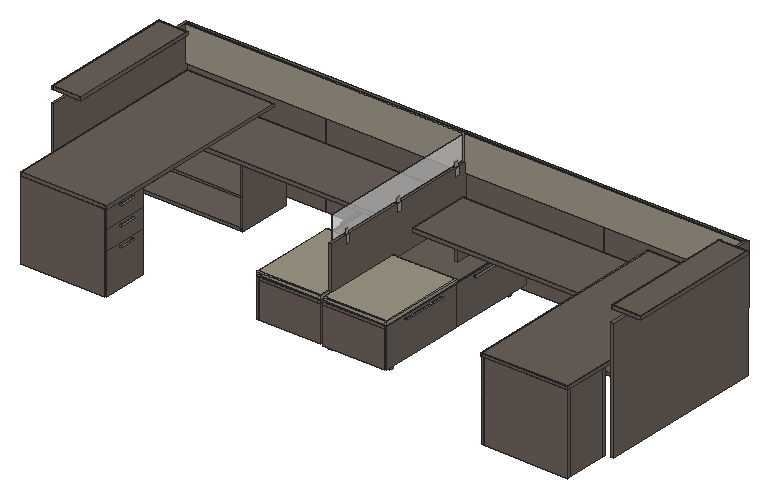
Revit family "STAKS005", category Furniture, Revit 2013
Reference planes (in)
  plane 1: z = 0
  plane 2 "Center Left/Right": x = 0
Dimensions and locks (in)
  aligned and locked: level to plane 1
  aligned and locked: nested 3 to nested 1
  aligned and locked: nested 4 to nested 2  (x2)
  aligned and locked: nested 5 to nested 6
  aligned and locked: nested 6 to nested 5
  aligned and locked: nested 9 to nested 7
  aligned and locked: nested 9 to nested 8
  aligned and locked: nested 5 to nested 10
  aligned and locked: nested 3 to nested 5
  aligned and locked: nested 16 to nested 6  (x2)
  aligned and locked: nested 26 to nested 25  (x2)
  aligned and locked: nested 27 to nested 28
  aligned and locked: nested 28 to nested 27
  aligned and locked: nested 31 to nested 29
  aligned and locked: nested 31 to nested 30
  aligned and locked: nested 27 to nested 32
  aligned and locked: nested 38 to nested 28  (x2)
  aligned and locked: nested 42 to nested 10
  aligned and locked: nested 43 to nested 10
  aligned and locked: nested 32 to nested 44
  aligned and locked: nested 32 to nested 45
  aligned and locked: nested 3 to nested 12
Nested families (in)
  nested 1: "FIRST OFFICE-STAKS-WALL-SPINE-DIVIDER" at (-24, -1.62535, 0), type "FIRST OFFICE-STAKS-WALL SPINE/DIVIDER 42 X 48"
  nested 2: "FIRST OFFICE-STAKS-WALL-SPINE-DIVIDER" at (-72, -1.62535, 0), type "FIRST OFFICE-STAKS-WALL SPINE/DIVIDER 42 X 48"
  nested 3: "FIRST OFFICE-STAKS-WALL-SPINE-DIVIDER" at (1.12535, -30, 0) x (0, 1, 0) z (0, 0, 1), type "FIRST OFFICE-STAKS-WALL SPINE/DIVIDER 33 X 58"
  nested 4: "FIRST OFFICE-STAKS-WALL-SPINE-DIVIDER" at (-95.37465, -29, 0) x (0, 1, 0) z (0, 0, 1), type "FIRST OFFICE-STAKS-WALL SPINE/DIVIDER 42 X 58"
  nested 5: "FIRST OFFICE-STAKS-WORKSURFACE-RECTANGULAR LONG-GRAIN" at (-102.05498, -0.66635, -6), type "FIRST OFFICE-STAKS-WORKSURFACE-RECTANGULAR LG 94 X 22"
  nested 6: "FIRST OFFICE-STAKS-WORKSURFACE-RECTANGULAR LONG-GRAIN" at (-96.33365, -82.05498, 0) x (0, 1, 0) z (0, 0, 1), type "FIRST OFFICE-STAKS-WORKSURFACE-RECTANGULAR LG 72 X 30"
  nested 7: "FIRST OFFICE-STAKS-BRACKETS-SADDLE_PRESS FIT" at (-96.5, -9.95471, 0) x (0, 1, 0) z (0, 0, 1), type "FIRST OFFICE-STAKS- BRACKETS-PRESS FIT"
  nested 8: "FIRST OFFICE-STAKS-BRACKETS-SADDLE_PRESS FIT" at (-96.5, -47.52666, 0) x (0, 1, 0) z (0, 0, 1), type "FIRST OFFICE-STAKS- BRACKETS-PRESS FIT"
  nested 9: "FIRST OFFICE-STAKS-WALL-TRANSACTION SHELVES" at (-94.87465, -29, -6) x (0, 1, 0) z (0, 0, 1), type "FIRST OFFICE-STAKS-TRANSACTION SHELF 46 X 10"
  nested 10: "FIRST OFFICE-STAKS-PEDESTALS-LOW HEIGHT NO I BEAM-16W TO 36W" at (-76.47711, -25.0063, 0), type "FIRST OFFICE-STAKS-LOW HEIGHT OPEN SHELF PED-NO I BEAM 36 X 19"
  nested 11: "FIRST OFFICE-STAKS-PEDESTAL W-I BEAM SUPPORT" at (-18.12465, -31.875, 0) x (0, 1, 0) z (0, 0, 1), type "FIRST OFFICE-STAKS-PEDESTAL I-BEAM 52 X 16"
  nested 12: "FIRST OFFICE-STAKS-PEDESTALS-BENCH HEIGHT DOUBLE W-I BEAM-48W TO 72W" at (-23.00035, -17.64789, 0) x (0, -1, 0) z (0, 0, 1), type "FIRST OFFICE-STAKS-BENCH HEIGHT DOUBLE W/I-BEAM 60 X 22"
    with SLIDING DOOR no, OPEN SHELF no, OPEN no, FILE FRONT yes, DOUBLE DOOR no
  nested 13: "FIRST OFFICE-STAKS-PEDESTALS-LOW_BENCH CUSHIONS" at (2.1068, -27.46416, -5) x (0, -1, 0) z (0, 0, 1), type "FIRST OFFICE-STAKS-PEDESTAL-LOW/BENCH CUSHION 30 X 22"
  nested 14: "FIRST OFFICE-STAKS-SUPPORT-SURFACE-RISER PANELS" at (-72.62535, -29, 0) x (0, -1, 0) z (0, 0, 1), type "FIRST OFFICE-STAKS-SUPPORT-SURFACE-RISER-T SHAPE 18 X 9.5"
  nested 15: "FIRST OFFICE-STAKS-SUPPORT-SURFACE-RISER PANELS" at (-27.125, -21.37465, -6) x (-1, 0, 0) z (0, 0, 1), type "FIRST OFFICE-STAKS-SUPPORT-SURFACE-RISER-T SHAPE 18 X 9.5"
  nested 16: "FIRST OFFICE-STAKS-PEDESTALS-WORKSUFACE HEIGHT NO I BEAM-12W TO 16W" at (-63.99965, -66.66461, 0) x (0, 1, 0) z (0, 0, 1), type "FIRST OFFICE-STAKS-SURFACE HEIGHT BBF PED-NO I BEAM 16 X 30"
  nested 17: "FIRST OFFICE-STAKS-BRACKETS-CANTILEVER" at (-96, -40, 0) x (0, 1, 0) z (0, 0, 1), type "FIRST OFFICE-STAKS- BRACKETS-CANTILEVER-OPEN 28""
  nested 18: "FIRST OFFICE-STAKS-BRACKETS-CANTILEVER" at (-42.55104, -1, -6), type "FIRST OFFICE-STAKS- BRACKETS-CANTILEVER-OPEN 22""
  nested 19: "FIRST OFFICE-STAKS-BRACKETS-SADDLE_PRESS FIT" at (0, -52.15068, -9) x (0, 1, 0) z (0, 0, 1), type "FIRST OFFICE-STAKS- BRACKETS-SADDLE-PVPBKT-2"
  nested 20: "FIRST OFFICE-STAKS-BRACKETS-SADDLE_PRESS FIT" at (0, -30, -9) x (0, 1, 0) z (0, 0, 1), type "FIRST OFFICE-STAKS- BRACKETS-SADDLE-PVPBKT-2"
  nested 21: "FIRST OFFICE-STAKS-BRACKETS-SADDLE_PRESS FIT" at (0, -5, -9) x (0, 1, 0) z (0, 0, 1), type "FIRST OFFICE-STAKS- BRACKETS-SADDLE-PVPBKT-2"
  nested 22: "FIRST OFFICE-STAKS-WALL-PRIVACY PANELS" at (1.62535, -30, -15) x (0, 1, 0) z (0, 0, 1), type "FIRST OFFICE-STAKS-PRIVACY PANEL SKYLINE 56 X 8"
  nested 23: "FIRST OFFICE-STAKS-WALL-TACKBOARDS" at (-96, -6.75035, 0), type "FIRST OFFICE-STAKS-TACKBOARD 96-74 X 12"
    with TACKBORD WIDTH 7' - 11 1/2"
  nested 24: "FIRST OFFICE-STAKS-WALL-SPINE-DIVIDER" at (24, -1.62535, 0) x (-1, 0, 0) z (0, 0, 1), type "FIRST OFFICE-STAKS-WALL SPINE/DIVIDER 42 X 48"
  nested 25: "FIRST OFFICE-STAKS-WALL-SPINE-DIVIDER" at (72, -1.62535, 0) x (-1, 0, 0) z (0, 0, 1), type "FIRST OFFICE-STAKS-WALL SPINE/DIVIDER 42 X 48"
  nested 26: "FIRST OFFICE-STAKS-WALL-SPINE-DIVIDER" at (95.37465, -29, 0) x (0, 1, 0) z (0, 0, 1), type "FIRST OFFICE-STAKS-WALL SPINE/DIVIDER 42 X 58"
  nested 27: "FIRST OFFICE-STAKS-WORKSURFACE-RECTANGULAR LONG-GRAIN" at (102.05498, -0.66635, -6) x (-1, 0, 0) z (0, 0, 1), type "FIRST OFFICE-STAKS-WORKSURFACE-RECTANGULAR LG 94 X 22"
  nested 28: "FIRST OFFICE-STAKS-WORKSURFACE-RECTANGULAR LONG-GRAIN" at (96.33365, -82.05498, 0) x (0, 1, 0) z (0, 0, 1), type "FIRST OFFICE-STAKS-WORKSURFACE-RECTANGULAR LG 72 X 30"
  nested 29: "FIRST OFFICE-STAKS-BRACKETS-SADDLE_PRESS FIT" at (96.5, -9.95471, 0) x (0, 1, 0) z (0, 0, 1), type "FIRST OFFICE-STAKS- BRACKETS-PRESS FIT"
  nested 30: "FIRST OFFICE-STAKS-BRACKETS-SADDLE_PRESS FIT" at (96.5, -47.52666, 0) x (0, 1, 0) z (0, 0, 1), type "FIRST OFFICE-STAKS- BRACKETS-PRESS FIT"
  nested 31: "FIRST OFFICE-STAKS-WALL-TRANSACTION SHELVES" at (94.87465, -29, -6) x (0, 1, 0) z (0, 0, 1), type "FIRST OFFICE-STAKS-TRANSACTION SHELF 46 X 10"
  nested 32: "FIRST OFFICE-STAKS-PEDESTALS-LOW HEIGHT NO I BEAM-16W TO 36W" at (76.47711, -25.00424, 0) x (-1, 0, 0) z (0, 0, 1), type "FIRST OFFICE-STAKS-LOW HEIGHT OPEN SHELF PED-NO I BEAM 36 X 19"
  nested 33: "FIRST OFFICE-STAKS-PEDESTAL W-I BEAM SUPPORT" at (18.12465, -31.875, 0) x (0, 1, 0) z (0, 0, 1), type "FIRST OFFICE-STAKS-PEDESTAL I-BEAM 52 X 16"
  nested 34: "FIRST OFFICE-STAKS-PEDESTALS-BENCH HEIGHT DOUBLE W-I BEAM-48W TO 72W" at (23.00035, -17.64789, 0) x (0, -1, 0) z (0, 0, 1), type "FIRST OFFICE-STAKS-BENCH HEIGHT DOUBLE W/I-BEAM 60 X 22"
    with SLIDING DOOR no, OPEN SHELF no, OPEN no, FILE FRONT yes, DOUBLE DOOR no
  nested 35: "FIRST OFFICE-STAKS-PEDESTALS-LOW_BENCH CUSHIONS" at (-2.1068, -27.46416, -5) x (0, -1, 0) z (0, 0, 1), type "FIRST OFFICE-STAKS-PEDESTAL-LOW/BENCH CUSHION 30 X 22"
  nested 36: "FIRST OFFICE-STAKS-SUPPORT-SURFACE-RISER PANELS" at (72.62535, -29, 0) x (0, -1, 0) z (0, 0, 1), type "FIRST OFFICE-STAKS-SUPPORT-SURFACE-RISER-T SHAPE 18 X 9.5"
  nested 37: "FIRST OFFICE-STAKS-SUPPORT-SURFACE-RISER PANELS" at (27.125, -21.37465, -6), type "FIRST OFFICE-STAKS-SUPPORT-SURFACE-RISER-T SHAPE 18 X 9.5"
  nested 38: "FIRST OFFICE-STAKS-PEDESTALS-WORKSUFACE HEIGHT NO I BEAM-12W TO 16W" at (63.99965, -66.66461, 0) x (0, 1, 0) z (0, 0, 1), type "FIRST OFFICE-STAKS-SURFACE HEIGHT BBF PED-NO I BEAM 16 X 30"
  nested 39: "FIRST OFFICE-STAKS-BRACKETS-CANTILEVER" at (96, -40, 0) x (0, 1, 0) z (0, 0, 1), type "FIRST OFFICE-STAKS- BRACKETS-CANTILEVER-OPEN 28""
  nested 40: "FIRST OFFICE-STAKS-BRACKETS-CANTILEVER" at (42.55104, -1, -6) x (-1, 0, 0) z (0, 0, 1), type "FIRST OFFICE-STAKS- BRACKETS-CANTILEVER-OPEN 22""
  nested 41: "FIRST OFFICE-STAKS-WALL-TACKBOARDS" at (96, -6.75035, 0) x (-1, 0, 0) z (0, 0, 1), type "FIRST OFFICE-STAKS-TACKBOARD 96-74 X 12"
    with TACKBORD WIDTH 7' - 11 1/2"
  nested 42: "FIRST OFFICE-STAKS-BRACKETS-PEDESTAL TO WALL" at (-91.72963, -5.00595, 0) x (-1, 0, 0) z (0, 0, 1), type "FIRST OFFICE-STAKS-PEDESTAL TO WALL BRACKET 1"
  nested 43: "FIRST OFFICE-STAKS-BRACKETS-PEDESTAL TO WALL" at (-62.38254, -5.00595, 0) x (-1, 0, 0) z (0, 0, 1), type "FIRST OFFICE-STAKS-PEDESTAL TO WALL BRACKET 1"
  nested 44: "FIRST OFFICE-STAKS-BRACKETS-PEDESTAL TO WALL" at (62.34969, -5.00389, 0) x (-1, 0, 0) z (0, 0, 1), type "FIRST OFFICE-STAKS-PEDESTAL TO WALL BRACKET 1"
  nested 45: "FIRST OFFICE-STAKS-BRACKETS-PEDESTAL TO WALL" at (91.46631, -5.00389, 0) x (-1, 0, 0) z (0, 0, 1), type "FIRST OFFICE-STAKS-PEDESTAL TO WALL BRACKET 1"
Definition of nested family "FIRST OFFICE-STAKS-WALL-SPINE-DIVIDER"
  Parameters (values of type "FIRST OFFICE-STAKS-WALL SPINE/DIVIDER 33 X 24")
    URL = "http://www.firstoffice.com/products/crossover/staks/"
    Model = "6-pan-33/24"
    Manufacturer = "FIRST OFFICE-STAKS"
    MANUFACTURERS' CODE = "FOF"
    ENVIRONMENTAL = "http://www.firstoffice.com/products/crossover/staks/"
    Description = "33 X 24 SPINE OR DIVIDER WALL"
    Wall Width = 2' - 0"
    Wall Height = 2' - 8 1/2"
    CATALOG CODE = "FST"
    Assembly Code = ""
  Types (54): name | Model | Description | Wall Width | Wall Height
    FIRST OFFICE-STAKS-WALL SPINE/DIVIDER 33 X 24 | "6-pan-33/24" | "33 X 24 SPINE OR DIVIDER WALL" | 2' - 0" | 2' - 8 1/2"
    FIRST OFFICE-STAKS-WALL SPINE/DIVIDER 33 X 26 | "6-pan-33/26" | "33 X 26 SPINE OR DIVIDER WALL" | 2' - 2" | 2' - 8 1/2"
    FIRST OFFICE-STAKS-WALL SPINE/DIVIDER 33 X 30 | "6-pan-33/30" | "33 X 30 SPINE OR DIVIDER WALL" | 2' - 6" | 2' - 8 1/2"
    FIRST OFFICE-STAKS-WALL SPINE/DIVIDER 33 X 33 | "6-pan-33/33" | "33 X 33 SPINE OR DIVIDER WALL" | 2' - 9" | 2' - 8 1/2"
    FIRST OFFICE-STAKS-WALL SPINE/DIVIDER 33 X 36 | "6-pan-33/36" | "33 X 36 SPINE OR DIVIDER WALL" | 3' - 0" | 2' - 8 1/2"
    FIRST OFFICE-STAKS-WALL SPINE/DIVIDER 33 X 37 | "6-pan-33/37" | "33 X 37 SPINE OR DIVIDER WALL" | 3' - 1" | 2' - 8 1/2"
    FIRST OFFICE-STAKS-WALL SPINE/DIVIDER 33 X 40 | "6-pan-33/40" | "33 X 40 SPINE OR DIVIDER WALL" | 3' - 4" | 2' - 8 1/2"
    FIRST OFFICE-STAKS-WALL SPINE/DIVIDER 33 X 42 | "6-pan-33/42" | "33 X 42 SPINE OR DIVIDER WALL" | 3' - 6" | 2' - 8 1/2"
    FIRST OFFICE-STAKS-WALL SPINE/DIVIDER 33 X 44 | "6-pan-33/44" | "33 X 44 SPINE OR DIVIDER WALL" | 3' - 8" | 2' - 8 1/2"
    FIRST OFFICE-STAKS-WALL SPINE/DIVIDER 33 X 45 | "6-pan-33/45" | "33 X 45 SPINE OR DIVIDER WALL" | 3' - 9" | 2' - 8 1/2"
    FIRST OFFICE-STAKS-WALL SPINE/DIVIDER 33 X 47 | "6-pan-33/47" | "33 X 47 SPINE OR DIVIDER WALL" | 3' - 11" | 2' - 8 1/2"
    FIRST OFFICE-STAKS-WALL SPINE/DIVIDER 33 X 48 | "6-pan-33/48" | "33 X 48 SPINE OR DIVIDER WALL" | 4' - 0" | 2' - 8 1/2"
    FIRST OFFICE-STAKS-WALL SPINE/DIVIDER 33 X 49 | "6-pan-33/49" | "33 X 49 SPINE OR DIVIDER WALL" | 4' - 1" | 2' - 8 1/2"
    FIRST OFFICE-STAKS-WALL SPINE/DIVIDER 33 X 52 | "6-pan-33/52" | "33 X 52 SPINE OR DIVIDER WALL" | 4' - 4" | 2' - 8 1/2"
    FIRST OFFICE-STAKS-WALL SPINE/DIVIDER 33 X 54 | "6-pan-33/54" | "33 X 54 SPINE OR DIVIDER WALL" | 4' - 6" | 2' - 8 1/2"
    FIRST OFFICE-STAKS-WALL SPINE/DIVIDER 33 X 56 | "6-pan-33/56" | "33 X 56 SPINE OR DIVIDER WALL" | 4' - 8" | 2' - 8 1/2"
    FIRST OFFICE-STAKS-WALL SPINE/DIVIDER 33 X 58 | "6-pan-33/58" | "33 X 58 SPINE OR DIVIDER WALL" | 4' - 10" | 2' - 8 1/2"
    FIRST OFFICE-STAKS-WALL SPINE/DIVIDER 33 X 59 | "6-pan-33/59" | "33 X 59 SPINE OR DIVIDER WALL" | 4' - 11" | 2' - 8 1/2"
    FIRST OFFICE-STAKS-WALL SPINE/DIVIDER 42 X 24 | "6-pan-42/24" | "42 X 24 SPINE OR DIVIDER WALL" | 2' - 0" | 3' - 5 1/2"
    FIRST OFFICE-STAKS-WALL SPINE/DIVIDER 42 X 26 | "6-pan-42/26" | "42 X 26 SPINE OR DIVIDER WALL" | 2' - 2" | 3' - 5 1/2"
    FIRST OFFICE-STAKS-WALL SPINE/DIVIDER 42 X 30 | "6-pan-42/30" | "42 X 30 SPINE OR DIVIDER WALL" | 2' - 6" | 3' - 5 1/2"
    FIRST OFFICE-STAKS-WALL SPINE/DIVIDER 42 X 33 | "6-pan-42/33" | "42 X 33 SPINE OR DIVIDER WALL" | 2' - 9" | 3' - 5 1/2"
    FIRST OFFICE-STAKS-WALL SPINE/DIVIDER 42 X 36 | "6-pan-42/36" | "42 X 36 SPINE OR DIVIDER WALL" | 3' - 0" | 3' - 5 1/2"
    FIRST OFFICE-STAKS-WALL SPINE/DIVIDER 42 X 37 | "6-pan-42/37" | "42 X 37 SPINE OR DIVIDER WALL" | 3' - 1" | 3' - 5 1/2"
    FIRST OFFICE-STAKS-WALL SPINE/DIVIDER 42 X 40 | "6-pan-42/40" | "42 X 40 SPINE OR DIVIDER WALL" | 3' - 4" | 3' - 5 1/2"
    FIRST OFFICE-STAKS-WALL SPINE/DIVIDER 42 X 42 | "6-pan-42/42" | "42 X 42 SPINE OR DIVIDER WALL" | 3' - 6" | 3' - 5 1/2"
    FIRST OFFICE-STAKS-WALL SPINE/DIVIDER 42 X 44 | "6-pan-42/44" | "42 X 44 SPINE OR DIVIDER WALL" | 3' - 8" | 3' - 5 1/2"
    FIRST OFFICE-STAKS-WALL SPINE/DIVIDER 42 X 45 | "6-pan-42/45" | "42 X 45 SPINE OR DIVIDER WALL" | 3' - 9" | 3' - 5 1/2"
    FIRST OFFICE-STAKS-WALL SPINE/DIVIDER 42 X 47 | "6-pan-42/47" | "42 X 47 SPINE OR DIVIDER WALL" | 3' - 11" | 3' - 5 1/2"
    FIRST OFFICE-STAKS-WALL SPINE/DIVIDER 42 X 48 | "6-pan-42/48" | "42 X 48 SPINE OR DIVIDER WALL" | 4' - 0" | 3' - 5 1/2"
    FIRST OFFICE-STAKS-WALL SPINE/DIVIDER 42 X 49 | "6-pan-42/49" | "42 X 49 SPINE OR DIVIDER WALL" | 4' - 1" | 3' - 5 1/2"
    FIRST OFFICE-STAKS-WALL SPINE/DIVIDER 42 X 52 | "6-pan-42/52" | "42 X 52 SPINE OR DIVIDER WALL" | 4' - 4" | 3' - 5 1/2"
    FIRST OFFICE-STAKS-WALL SPINE/DIVIDER 42 X 54 | "6-pan-42/54" | "42 X 54 SPINE OR DIVIDER WALL" | 4' - 6" | 3' - 5 1/2"
    FIRST OFFICE-STAKS-WALL SPINE/DIVIDER 42 X 56 | "6-pan-42/56" | "42 X 56 SPINE OR DIVIDER WALL" | 4' - 8" | 3' - 5 1/2"
    FIRST OFFICE-STAKS-WALL SPINE/DIVIDER 42 X 58 | "6-pan-42/58" | "42 X 58 SPINE OR DIVIDER WALL" | 4' - 10" | 3' - 5 1/2"
    FIRST OFFICE-STAKS-WALL SPINE/DIVIDER 42 X 59 | "6-pan-42/59" | "42 X 59 SPINE OR DIVIDER WALL" | 4' - 11" | 3' - 5 1/2"
    FIRST OFFICE-STAKS-WALL SPINE/DIVIDER 48 X 24 | "6-pan-48/24" | "48 X 24 SPINE OR DIVIDER WALL" | 2' - 0" | 3' - 11 1/2"
    FIRST OFFICE-STAKS-WALL SPINE/DIVIDER 48 X 26 | "6-pan-48/26" | "48 X 26 SPINE OR DIVIDER WALL" | 2' - 2" | 3' - 11 1/2"
    FIRST OFFICE-STAKS-WALL SPINE/DIVIDER 48 X 30 | "6-pan-48/30" | "48 X 30 SPINE OR DIVIDER WALL" | 2' - 6" | 3' - 11 1/2"
    FIRST OFFICE-STAKS-WALL SPINE/DIVIDER 48 X 33 | "6-pan-48/33" | "48 X 33 SPINE OR DIVIDER WALL" | 2' - 9" | 3' - 11 1/2"
    FIRST OFFICE-STAKS-WALL SPINE/DIVIDER 48 X 36 | "6-pan-48/36" | "48 X 36 SPINE OR DIVIDER WALL" | 3' - 0" | 3' - 11 1/2"
    FIRST OFFICE-STAKS-WALL SPINE/DIVIDER 48 X 37 | "6-pan-48/37" | "48 X 37 SPINE OR DIVIDER WALL" | 3' - 1" | 3' - 11 1/2"
    FIRST OFFICE-STAKS-WALL SPINE/DIVIDER 48 X 40 | "6-pan-48/40" | "48 X 40 SPINE OR DIVIDER WALL" | 3' - 4" | 3' - 11 1/2"
    FIRST OFFICE-STAKS-WALL SPINE/DIVIDER 48 X 42 | "6-pan-48/42" | "48 X 42 SPINE OR DIVIDER WALL" | 3' - 6" | 3' - 11 1/2"
    FIRST OFFICE-STAKS-WALL SPINE/DIVIDER 48 X 44 | "6-pan-48/44" | "48 X 44 SPINE OR DIVIDER WALL" | 3' - 8" | 3' - 11 1/2"
    FIRST OFFICE-STAKS-WALL SPINE/DIVIDER 48 X 45 | "6-pan-48/45" | "48 X 45 SPINE OR DIVIDER WALL" | 3' - 9" | 3' - 11 1/2"
    FIRST OFFICE-STAKS-WALL SPINE/DIVIDER 48 X 47 | "6-pan-48/47" | "48 X 47 SPINE OR DIVIDER WALL" | 3' - 11" | 3' - 11 1/2"
    FIRST OFFICE-STAKS-WALL SPINE/DIVIDER 48 X 48 | "6-pan-48/48" | "48 X 48 SPINE OR DIVIDER WALL" | 4' - 0" | 3' - 11 1/2"
    FIRST OFFICE-STAKS-WALL SPINE/DIVIDER 48 X 49 | "6-pan-48/49" | "48 X 49 SPINE OR DIVIDER WALL" | 4' - 1" | 3' - 11 1/2"
    FIRST OFFICE-STAKS-WALL SPINE/DIVIDER 48 X 52 | "6-pan-48/52" | "48 X 52 SPINE OR DIVIDER WALL" | 4' - 4" | 3' - 11 1/2"
    FIRST OFFICE-STAKS-WALL SPINE/DIVIDER 48 X 54 | "6-pan-48/54" | "48 X 54 SPINE OR DIVIDER WALL" | 4' - 6" | 3' - 11 1/2"
    FIRST OFFICE-STAKS-WALL SPINE/DIVIDER 48 X 56 | "6-pan-48/56" | "48 X 56 SPINE OR DIVIDER WALL" | 4' - 8" | 3' - 11 1/2"
    FIRST OFFICE-STAKS-WALL SPINE/DIVIDER 48 X 58 | "6-pan-48/58" | "48 X 58 SPINE OR DIVIDER WALL" | 4' - 10" | 3' - 11 1/2"
    FIRST OFFICE-STAKS-WALL SPINE/DIVIDER 48 X 59 | "6-pan-48/59" | "48 X 59 SPINE OR DIVIDER WALL" | 4' - 11" | 3' - 11 1/2"
  Reference planes (in)
    plane 1: z = 0
    plane 2 "Center Left/Right": x = 0
    plane 3 "Left": x = -12
    plane 4 "Right": x = 12
    plane 5 "Back": y = 1.62535
    plane 6 "WALL Top": z = 32.5
    plane 7: y = 0.62535
  Forms (in)
    Extrusion 1, solid, material "STAKS WALL"
      sketch origin (0, 5, -0.18015) x (0, 1, 0) y (0, 0, 1)
        loop
          line (-4.37465, 32.68015) -> (-4.37465, 0.18015) -> (-3.37465, 0.18015) -> (-3.37465, 32.68015) -> (-4.37465, 32.68015)
      from -12 to 12
  Lines and regions (in)
    Masking region 1
      outline origin (0, 0, 0) x (1, 0, 0) y (0, 1, 0)
        loop
          line (-12, 1.62535) -> (-12, 0.62535) -> (12, 0.62535) -> (12, 1.62535) -> (-12, 1.62535)
  Dimensions and locks (in)
    "Wall Width": plane 3 "Left" to plane 4 "Right"
    equal spacing: plane 3 "Left", plane 2 "Center Left/Right", plane 4 "Right"
    "Wall Height": plane 6 "WALL Top" to plane 1
    locked: plane 7 to plane 5 "Back" at 1
    aligned and locked: Extrusion 1 to plane 3 "Left"
    aligned and locked: plane 4 "Right" to Extrusion 1
    aligned: Extrusion 1 to plane 1
    aligned and locked: level to plane 1
    aligned: Extrusion 1 to plane 6 "WALL Top"
    aligned: Extrusion 1 sketch curve to plane 1
    aligned and locked: Extrusion 1 to Masking region 1 sketch curve
    aligned and locked: Masking region 1 sketch curve to plane 3 "Left"
    aligned and locked: plane 4 "Right" to Masking region 1 sketch curve
    aligned and locked: Extrusion 1 to plane 5 "Back"
    aligned and locked: Extrusion 1 sketch curve to plane 1
    aligned and locked: plane 6 "WALL Top" to Extrusion 1 sketch curve
    aligned and locked: plane 7 to Extrusion 1
    aligned and locked: plane 7 to Masking region 1
  Automatic sketch dimensions
    Masking region 1 sketch curve to Masking region 1 sketch curve = 0' - 1"
    Extrusion 1 sketch curve to plane 5 "Back" = 0' - 0"
    Extrusion 1 sketch curve to Extrusion 1 sketch curve = 0' - 1"
Definition of nested family "FIRST OFFICE-STAKS-WORKSURFACE-RECTANGULAR LONG-GRAIN"
  Parameters (values of type "FIRST OFFICE-STAKS-WORKSURFACE-RECTANGULAR LG 15.625 X 22")
    URL = "http://www.firstoffice.com/products/crossover/staks/"
    SURFACE DEPTH = 1' - 10"
    Model = "6-MCT-15.625/22"
    Manufacturer = "FIRST OFFICE-STAKS"
    MANUFACTURERS' CODE = "FOF"
    ENVIRONMENTAL = "http://www.firstoffice.com/products/crossover/staks/"
    Description = "15.625 X 22 RECTANGULAR WORKSURFACE LONG GRAIN"
    SURFACE WIDTH = 1' - 3 5/8"
    CATALOG CODE = "FST"
    Assembly Code = ""
  Types (53): name | SURFACE DEPTH | Model | Description | SURFACE WIDTH
    FIRST OFFICE-STAKS-WORKSURFACE-RECTANGULAR LG 15.625 X 22 | 1' - 10" | "6-MCT-15.625/22" | "15.625 X 22 RECTANGULAR WORKSURFACE LONG GRAIN" | 1' - 3 5/8"
    FIRST OFFICE-STAKS-WORKSURFACE-RECTANGULAR LG 24 X 22 | 1' - 10" | "6-MCT-24/22" | "24 X 22 RECTANGULAR WORKSURFACE LONG GRAIN" | 2' - 0"
    FIRST OFFICE-STAKS-WORKSURFACE-RECTANGULAR LG 30 X 22 | 1' - 10" | "6-MCT-30/22" | "30 X 22 RECTANGULAR WORKSURFACE LONG GRAIN" | 2' - 6"
    FIRST OFFICE-STAKS-WORKSURFACE-RECTANGULAR LG 34 X 22 | 1' - 10" | "6-MCT-34/22" | "34 X 22 RECTANGULAR WORKSURFACE LONG GRAIN" | 2' - 10"
    FIRST OFFICE-STAKS-WORKSURFACE-RECTANGULAR LG 36 X 22 | 1' - 10" | "6-MCT-36/22" | "36 X 22 RECTANGULAR WORKSURFACE LONG GRAIN" | 3' - 0"
    FIRST OFFICE-STAKS-WORKSURFACE-RECTANGULAR LG 42 X 22 | 1' - 10" | "6-MCT-42/22" | "42 X 22 RECTANGULAR WORKSURFACE LONG GRAIN" | 3' - 6"
    FIRST OFFICE-STAKS-WORKSURFACE-RECTANGULAR LG 48 X 22 | 1' - 10" | "6-MCT-48/22" | "48 X 22 RECTANGULAR WORKSURFACE LONG GRAIN" | 4' - 0"
    FIRST OFFICE-STAKS-WORKSURFACE-RECTANGULAR LG 48.5 X 22 | 1' - 10" | "6-MCT-48.5/22" | "48.5 X 22 RECTANGULAR WORKSURFACE LONG GRAIN" | 4' - 0 1/2"
    FIRST OFFICE-STAKS-WORKSURFACE-RECTANGULAR LG 54 X 22 | 1' - 10" | "6-MCT-54/22" | "54 X 22 RECTANGULAR WORKSURFACE LONG GRAIN" | 4' - 6"
    FIRST OFFICE-STAKS-WORKSURFACE-RECTANGULAR LG 55.5 X 22 | 1' - 10" | "6-MCT-55.5/22" | "55.5 X 22 RECTANGULAR WORKSURFACE LONG GRAIN" | 4' - 7 1/2"
    FIRST OFFICE-STAKS-WORKSURFACE-RECTANGULAR LG 59 X 22 | 1' - 10" | "6-MCT-59/22" | "59 X 22 RECTANGULAR WORKSURFACE LONG GRAIN" | 4' - 11"
    FIRST OFFICE-STAKS-WORKSURFACE-RECTANGULAR LG 60 X 22 | 1' - 10" | "6-MCT-60/22" | "60 X 22 RECTANGULAR WORKSURFACE LONG GRAIN" | 5' - 0"
    FIRST OFFICE-STAKS-WORKSURFACE-RECTANGULAR LG 66 X 22 | 1' - 10" | "6-MCT-66/22" | "66 X 22 RECTANGULAR WORKSURFACE LONG GRAIN" | 5' - 6"
    FIRST OFFICE-STAKS-WORKSURFACE-RECTANGULAR LG 69.625 X 22 | 1' - 10" | "6-MCT-69.625/22" | "69.625 X 22 RECTANGULAR WORKSURFACE LONG GRAIN" | 5' - 9 5/8"
    FIRST OFFICE-STAKS-WORKSURFACE-RECTANGULAR LG 70.5 X 22 | 1' - 10" | "6-MCT-70.5/22" | "70.5 X 22 RECTANGULAR WORKSURFACE LONG GRAIN" | 5' - 10 1/2"
    FIRST OFFICE-STAKS-WORKSURFACE-RECTANGULAR LG 72 X 22 | 1' - 10" | "6-MCT-72/22" | "72 X 22 RECTANGULAR WORKSURFACE LONG GRAIN" | 6' - 0"
    FIRST OFFICE-STAKS-WORKSURFACE-RECTANGULAR LG 78 X 22 | 1' - 10" | "6-MCT-78/22" | "78 X 22 RECTANGULAR WORKSURFACE LONG GRAIN" | 6' - 6"
    FIRST OFFICE-STAKS-WORKSURFACE-RECTANGULAR LG 82.5 X 22 | 1' - 10" | "6-MCT-82.5/22" | "82.5 X 22 RECTANGULAR WORKSURFACE LONG GRAIN" | 6' - 10 1/2"
    FIRST OFFICE-STAKS-WORKSURFACE-RECTANGULAR LG 84 X 22 | 1' - 10" | "6-MCT-84/22" | "84 X 22 RECTANGULAR WORKSURFACE LONG GRAIN" | 7' - 0"
    FIRST OFFICE-STAKS-WORKSURFACE-RECTANGULAR LG 87.625 X 22 | 1' - 10" | "6-MCT-87.625/22" | "87.625 X 22 RECTANGULAR WORKSURFACE LONG GRAIN" | 7' - 3 5/8"
    FIRST OFFICE-STAKS-WORKSURFACE-RECTANGULAR LG 90 X 22 | 1' - 10" | "6-MCT-90/22" | "90 X 22 RECTANGULAR WORKSURFACE LONG GRAIN" | 7' - 6"
    FIRST OFFICE-STAKS-WORKSURFACE-RECTANGULAR LG 94 X 22 | 1' - 10" | "6-MCT-94/22" | "94 X 22 RECTANGULAR WORKSURFACE LONG GRAIN" | 7' - 10"
    FIRST OFFICE-STAKS-WORKSURFACE-RECTANGULAR LG 96 X 22 | 1' - 10" | "6-MCT-96/22" | "96 X 22 RECTANGULAR WORKSURFACE LONG GRAIN" | 8' - 0"
    FIRST OFFICE-STAKS-WORKSURFACE-RECTANGULAR LG 24 X 14 | 1' - 2" | "6-MCT-24/14" | "24 X 14 RECTANGULAR WORKSURFACE LONG GRAIN" | 2' - 0"
    FIRST OFFICE-STAKS-WORKSURFACE-RECTANGULAR LG 30 X 14 | 1' - 2" | "6-MCT-30/14" | "30 X 14 RECTANGULAR WORKSURFACE LONG GRAIN" | 2' - 6"
    FIRST OFFICE-STAKS-WORKSURFACE-RECTANGULAR LG 34 X 14 | 1' - 2" | "6-MCT-34/14" | "34 X 14 RECTANGULAR WORKSURFACE LONG GRAIN" | 2' - 10"
    FIRST OFFICE-STAKS-WORKSURFACE-RECTANGULAR LG 36 X 14 | 1' - 2" | "6-MCT-36/14" | "36 X 14 RECTANGULAR WORKSURFACE LONG GRAIN" | 3' - 0"
    FIRST OFFICE-STAKS-WORKSURFACE-RECTANGULAR LG 42 X 14 | 1' - 2" | "6-MCT-42/14" | "42 X 14 RECTANGULAR WORKSURFACE LONG GRAIN" | 3' - 6"
    FIRST OFFICE-STAKS-WORKSURFACE-RECTANGULAR LG 48 X 14 | 1' - 2" | "6-MCT-48/14" | "48 X 14 RECTANGULAR WORKSURFACE LONG GRAIN" | 4' - 0"
    FIRST OFFICE-STAKS-WORKSURFACE-RECTANGULAR LG 48.5 X 14 | 1' - 2" | "6-MCT-48.5/14" | "48.5 X 14 RECTANGULAR WORKSURFACE LONG GRAIN" | 4' - 0 1/2"
    FIRST OFFICE-STAKS-WORKSURFACE-RECTANGULAR LG 54 X 14 | 1' - 2" | "6-MCT-54/14" | "54 X 14 RECTANGULAR WORKSURFACE LONG GRAIN" | 4' - 6"
    FIRST OFFICE-STAKS-WORKSURFACE-RECTANGULAR LG 55.5 X 14 | 1' - 2" | "6-MCT-55.5/14" | "55.5 X 14 RECTANGULAR WORKSURFACE LONG GRAIN" | 4' - 7 1/2"
    FIRST OFFICE-STAKS-WORKSURFACE-RECTANGULAR LG 59 X 14 | 1' - 2" | "6-MCT-59/14" | "59 X 14 RECTANGULAR WORKSURFACE LONG GRAIN" | 4' - 11"
    FIRST OFFICE-STAKS-WORKSURFACE-RECTANGULAR LG 60 X 14 | 1' - 2" | "6-MCT-60/14" | "60 X 14 RECTANGULAR WORKSURFACE LONG GRAIN" | 5' - 0"
    FIRST OFFICE-STAKS-WORKSURFACE-RECTANGULAR LG 66 X 4 | 1' - 2" | "6-MCT-66/14" | "66 X 14 RECTANGULAR WORKSURFACE LONG GRAIN" | 5' - 6"
    FIRST OFFICE-STAKS-WORKSURFACE-RECTANGULAR LG 69.625 X 14 | 1' - 2" | "6-MCT-69.625/14" | "69.625 X 14 RECTANGULAR WORKSURFACE LONG GRAIN" | 5' - 9 5/8"
    FIRST OFFICE-STAKS-WORKSURFACE-RECTANGULAR LG 70.5 X 14 | 1' - 2" | "6-MCT-70.5/14" | "70.5 X 14 RECTANGULAR WORKSURFACE LONG GRAIN" | 5' - 10 1/2"
    FIRST OFFICE-STAKS-WORKSURFACE-RECTANGULAR LG 72 X 14 | 1' - 2" | "6-MCT-72/14" | "72 X 14 RECTANGULAR WORKSURFACE LONG GRAIN" | 6' - 0"
    FIRST OFFICE-STAKS-WORKSURFACE-RECTANGULAR LG 78 X 14 | 1' - 2" | "6-MCT-78/14" | "78 X 14 RECTANGULAR WORKSURFACE LONG GRAIN" | 6' - 6"
    FIRST OFFICE-STAKS-WORKSURFACE-RECTANGULAR LG 80 X 14 | 1' - 2" | "6-MCT-80/14" | "80 X 14 RECTANGULAR WORKSURFACE LONG GRAIN" | 6' - 8"
    FIRST OFFICE-STAKS-WORKSURFACE-RECTANGULAR LG 82.5 X 14 | 1' - 2" | "6-MCT-82.5/14" | "82.5 X 14 RECTANGULAR WORKSURFACE LONG GRAIN" | 6' - 10 1/2"
    FIRST OFFICE-STAKS-WORKSURFACE-RECTANGULAR LG 84 X 14 | 1' - 2" | "6-MCT-84/14" | "84 X 14 RECTANGULAR WORKSURFACE LONG GRAIN" | 7' - 0"
    FIRST OFFICE-STAKS-WORKSURFACE-RECTANGULAR LG 87.625 X 14 | 1' - 2" | "6-MCT-87.625/14" | "87.625 X 14 RECTANGULAR WORKSURFACE LONG GRAIN" | 7' - 3 5/8"
    FIRST OFFICE-STAKS-WORKSURFACE-RECTANGULAR LG 90 X 14 | 1' - 2" | "6-MCT-90/14" | "90 X 14 RECTANGULAR WORKSURFACE LONG GRAIN" | 7' - 6"
    FIRST OFFICE-STAKS-WORKSURFACE-RECTANGULAR LG 94 X 14 | 1' - 2" | "6-MCT-94/14" | "94 X 14 RECTANGULAR WORKSURFACE LONG GRAIN" | 7' - 10"
    FIRST OFFICE-STAKS-WORKSURFACE-RECTANGULAR LG 96 X 14 | 1' - 2" | "6-MCT-96/14" | "96 X 14 RECTANGULAR WORKSURFACE LONG GRAIN" | 8' - 0"
    FIRST OFFICE-STAKS-WORKSURFACE-RECTANGULAR LG 60 X 36 | 3' - 0" | "6-MCT-60/36" | "60 X 36 RECTANGULAR WORKSURFACE LONG GRAIN" | 5' - 0"
    FIRST OFFICE-STAKS-WORKSURFACE-RECTANGULAR LG 66 X 36 | 3' - 0" | "6-MCT-66/36" | "66 X 36 RECTANGULAR WORKSURFACE LONG GRAIN" | 5' - 6"
    FIRST OFFICE-STAKS-WORKSURFACE-RECTANGULAR LG 72 X 36 | 3' - 0" | "6-MCT-72/36" | "72 X 36 RECTANGULAR WORKSURFACE LONG GRAIN" | 6' - 0"
    FIRST OFFICE-STAKS-WORKSURFACE-RECTANGULAR LG 54 X 30 | 2' - 6" | "6-MCT-54/30" | "54 X 30 RECTANGULAR WORKSURFACE LONG GRAIN" | 4' - 6"
    FIRST OFFICE-STAKS-WORKSURFACE-RECTANGULAR LG 60 X 30 | 2' - 6" | "6-MCT-60/30" | "60 X 30 RECTANGULAR WORKSURFACE LONG GRAIN" | 5' - 0"
    FIRST OFFICE-STAKS-WORKSURFACE-RECTANGULAR LG 66 X 30 | 2' - 6" | "6-MCT-66/30" | "66 X 30 RECTANGULAR WORKSURFACE LONG GRAIN" | 5' - 6"
    FIRST OFFICE-STAKS-WORKSURFACE-RECTANGULAR LG 72 X 30 | 2' - 6" | "6-MCT-72/30" | "72 X 30 RECTANGULAR WORKSURFACE LONG GRAIN" | 6' - 0"
  Reference planes (in)
    plane 1: z = -0.125
    plane 2 "LEFT": x = 7.55498
    plane 3 "RIGHT": x = 23.17998
    plane 4 "BACK": y = -1.83365
    plane 5 "FRONT": y = -23.83365
    plane 6: x = 7.67998
    plane 7: x = 23.05498
    plane 8: y = -1.95865
    plane 9: y = -23.70865
    plane 10: z = 27.25
    plane 11 "SURFACE TOP": z = 28.375
  Forms (in)
    Extrusion 1, solid, material "STAKS SURFACE EDGE"
      sketch origin (0, 0, 16.625) x (-1, 0, 0) y (0, -1, 0)
        loop
          line (-7.55498, 23.83365) -> (-7.67998, 23.70865) -> (-7.67998, 1.95865) -> (-7.55498, 1.83365) -> (-7.55498, 23.83365)
      from 11.75 to 10.625
    Extrusion 2, solid, material "STAKS SURFACE EDGE"
      sketch origin (0, 0, 16.625) x (-1, 0, 0) y (0, -1, 0)
        loop
          line (-7.67998, 23.70865) -> (-7.55498, 23.83365) -> (-23.17998, 23.83365) -> (-23.05498, 23.70865) -> (-7.67998, 23.70865)
      from 11.75 to 10.625
    Extrusion 3, solid, material "STAKS SURFACE EDGE"
      sketch origin (0, 0, 16.625) x (-1, 0, 0) y (0, -1, 0)
        loop
          line (-23.05498, 23.70865) -> (-23.17998, 23.83365) -> (-23.17998, 1.83365) -> (-23.05498, 1.95865) -> (-23.05498, 23.70865)
      from 11.75 to 10.625
    Extrusion 4, solid, material "STAKS SURFACE EDGE"
      sketch origin (0, 0, 16.625) x (-1, 0, 0) y (0, -1, 0)
        loop
          line (-23.05498, 1.95865) -> (-23.17998, 1.83365) -> (-7.55498, 1.83365) -> (-7.67998, 1.95865) -> (-23.05498, 1.95865)
      from 11.75 to 10.625
    Extrusion 5, solid, material "STAKS SURFACE LG"
      sketch origin (0, 0, 16.625) x (-1, 0, 0) y (0, -1, 0)
        loop
          line (-7.67998, 1.95865) -> (-7.67998, 23.70865) -> (-23.05498, 23.70865) -> (-23.05498, 1.95865) -> (-7.67998, 1.95865)
      from 11.75 to 10.625
  Lines and regions (in)
    Masking region 1
      outline origin (0, 0, 16.625) x (-1, 0, 0) y (0, -1, 0)
        loop
          line (-7.67998, 1.95865) -> (-7.55498, 1.83365) -> (-7.55498, 23.83365) -> (-7.67998, 23.70865) -> (-7.67998, 1.95865)
    Masking region 2
      outline origin (0, 0, 16.625) x (-1, 0, 0) y (0, -1, 0)
        loop
          line (-7.55498, 1.83365) -> (-7.67998, 1.95865) -> (-23.05498, 1.95865) -> (-23.17998, 1.83365) -> (-7.55498, 1.83365)
    Masking region 3
      outline origin (0, 0, 16.625) x (-1, 0, 0) y (0, -1, 0)
        loop
          line (-23.17998, 1.83365) -> (-23.05498, 1.95865) -> (-23.05498, 23.70865) -> (-23.17998, 23.83365) -> (-23.17998, 1.83365)
    Masking region 4
      outline origin (0, 0, 16.625) x (-1, 0, 0) y (0, -1, 0)
        loop
          line (-23.17998, 23.83365) -> (-23.05498, 23.70865) -> (-7.67998, 23.70865) -> (-7.55498, 23.83365) -> (-23.17998, 23.83365)
    Masking region 5
      outline origin (0, 0, 16.625) x (-1, 0, 0) y (0, -1, 0)
        loop
          line (-23.05498, 23.70865) -> (-23.05498, 1.95865) -> (-7.67998, 1.95865) -> (-7.67998, 23.70865) -> (-23.05498, 23.70865)
  Dimensions and locks (in)
    "SURFACE DEPTH": plane 4 "BACK" to plane 5 "FRONT"
    "SURFACE WIDTH": plane 2 "LEFT" to plane 3 "RIGHT"
    locked: plane 11 "SURFACE TOP" to plane 10 at 1.125
    locked: plane 4 "BACK" to plane 8 at 0.125
    locked: plane 2 "LEFT" to plane 6 at 0.125
    locked: plane 7 to plane 3 "RIGHT" at 0.125
    locked: plane 9 to plane 5 "FRONT" at 0.125
    aligned: level to plane 1
    aligned and locked: plane 11 "SURFACE TOP" to Extrusion 1
    aligned and locked: Extrusion 1 to plane 10
    aligned and locked: plane 9 to Extrusion 1
    aligned and locked: Extrusion 1 to plane 5 "FRONT"
    aligned and locked: Extrusion 1 to plane 8
    aligned and locked: Extrusion 1 to plane 4 "BACK"
    aligned and locked: Extrusion 1 to plane 2 "LEFT"
    aligned and locked: plane 6 to Extrusion 1
    aligned and locked: plane 9 to Extrusion 2
    aligned and locked: Extrusion 2 to plane 5 "FRONT"
    aligned and locked: Extrusion 2 to Extrusion 1
    aligned and locked: plane 11 "SURFACE TOP" to Extrusion 2
    aligned and locked: Extrusion 2 to plane 10
    aligned and locked: plane 7 to Extrusion 2
    aligned and locked: plane 3 "RIGHT" to Extrusion 2
    aligned and locked: plane 6 to Extrusion 2
    aligned and locked: Extrusion 2 to plane 2 "LEFT"
    aligned and locked: Extrusion 3 to plane 5 "FRONT"
    aligned and locked: plane 9 to Extrusion 3
    aligned and locked: plane 8 to Extrusion 3
    aligned and locked: plane 4 "BACK" to Extrusion 3
    aligned and locked: plane 11 "SURFACE TOP" to Extrusion 3
    aligned and locked: Extrusion 3 to plane 10
    aligned and locked: Extrusion 2 to Extrusion 3
    aligned and locked: plane 3 "RIGHT" to Extrusion 3
    aligned and locked: Extrusion 3 to plane 7
    aligned and locked: plane 3 "RIGHT" to Extrusion 4
    aligned and locked: Extrusion 4 to plane 7
    aligned and locked: Extrusion 4 to plane 6
    aligned and locked: Extrusion 4 to plane 2 "LEFT"
    aligned and locked: plane 11 "SURFACE TOP" to Extrusion 4
    aligned and locked: Extrusion 4 to plane 10
    aligned and locked: Extrusion 4 to plane 8
    aligned and locked: plane 4 "BACK" to Extrusion 4
    aligned and locked: Extrusion 3 to Extrusion 4
    aligned and locked: Extrusion 1 to Extrusion 4
    aligned and locked: plane 8 to Extrusion 5 sketch curve
    aligned and locked: Extrusion 5 sketch curve to plane 6
    aligned and locked: Extrusion 5 sketch curve to plane 9
    aligned and locked: plane 7 to Extrusion 5 sketch curve
    aligned and locked: plane 11 "SURFACE TOP" to Extrusion 5
    aligned and locked: Extrusion 5 to plane 10
  Automatic sketch dimensions
    Extrusion 1 sketch curve to plane 6 = 0' - 0"
    Extrusion 1 sketch curve to plane 2 "LEFT" = 0' - 0"
    Extrusion 1 sketch curve to plane 4 "BACK" = 0' - 0"
    Extrusion 1 sketch curve to plane 8 = 0' - 0"
    Extrusion 1 sketch curve to plane 9 = 0' - 0"
    Extrusion 1 sketch curve to plane 5 "FRONT" = 0' - 0"
    Extrusion 2 sketch curve to plane 3 "RIGHT" = 0' - 0"
    Extrusion 2 sketch curve to plane 7 = 0' - 0"
    Extrusion 2 sketch curve to plane 6 = 0' - 0"
    Extrusion 2 sketch curve to plane 2 "LEFT" = 0' - 0"
    Extrusion 2 sketch curve to plane 9 = 0' - 0"
    Extrusion 2 sketch curve to plane 5 "FRONT" = 0' - 0"
    Extrusion 3 sketch curve to plane 3 "RIGHT" = 0' - 0"
    Extrusion 3 sketch curve to plane 7 = 0' - 0"
    Extrusion 3 sketch curve to plane 4 "BACK" = 0' - 0"
    Extrusion 3 sketch curve to plane 8 = 0' - 0"
    Extrusion 3 sketch curve to plane 9 = 0' - 0"
    Extrusion 3 sketch curve to plane 5 "FRONT" = 0' - 0"
    Extrusion 4 sketch curve to plane 3 "RIGHT" = 0' - 0"
    Extrusion 4 sketch curve to plane 7 = 0' - 0"
    Extrusion 4 sketch curve to plane 6 = 0' - 0"
    Extrusion 4 sketch curve to plane 2 "LEFT" = 0' - 0"
    Extrusion 4 sketch curve to plane 4 "BACK" = 0' - 0"
    Extrusion 4 sketch curve to plane 8 = 0' - 0"
    Masking region 1 sketch curve to plane 6 = 0' - 0"
    Masking region 1 sketch curve to plane 2 "LEFT" = 0' - 0"
    Masking region 1 sketch curve to plane 4 "BACK" = 0' - 0"
    Masking region 1 sketch curve to plane 8 = 0' - 0"
    Masking region 1 sketch curve to plane 9 = 0' - 0"
    Masking region 1 sketch curve to plane 5 "FRONT" = 0' - 0"
    Masking region 2 sketch curve to plane 3 "RIGHT" = 0' - 0"
    Masking region 2 sketch curve to plane 7 = 0' - 0"
    Masking region 2 sketch curve to plane 6 = 0' - 0"
    Masking region 2 sketch curve to plane 2 "LEFT" = 0' - 0"
    Masking region 2 sketch curve to plane 4 "BACK" = 0' - 0"
    Masking region 2 sketch curve to plane 8 = 0' - 0"
    Masking region 3 sketch curve to plane 3 "RIGHT" = 0' - 0"
    Masking region 3 sketch curve to plane 7 = 0' - 0"
    Masking region 3 sketch curve to plane 4 "BACK" = 0' - 0"
    Masking region 3 sketch curve to plane 8 = 0' - 0"
    Masking region 3 sketch curve to plane 9 = 0' - 0"
    Masking region 3 sketch curve to plane 5 "FRONT" = 0' - 0"
    Masking region 4 sketch curve to plane 3 "RIGHT" = 0' - 0"
    Masking region 4 sketch curve to plane 7 = 0' - 0"
    Masking region 4 sketch curve to plane 6 = 0' - 0"
    Masking region 4 sketch curve to plane 2 "LEFT" = 0' - 0"
    Masking region 4 sketch curve to plane 9 = 0' - 0"
    Masking region 4 sketch curve to plane 5 "FRONT" = 0' - 0"
    Masking region 5 sketch curve to plane 7 = 0' - 0"
    Masking region 5 sketch curve to plane 6 = 0' - 0"
    Masking region 5 sketch curve to plane 8 = 0' - 0"
    Masking region 5 sketch curve to plane 9 = 0' - 0"
Definition of nested family "FIRST OFFICE-STAKS-BRACKETS-SADDLE_PRESS FIT"
  Parameters (values of type "FIRST OFFICE-STAKS- BRACKETS-SADDLE-PVPBKT-2")
    URL = "http://www.firstoffice.com/products/crossover/staks/"
    PRESS FIT = no
    Model = "PVPBKT-2"
    Manufacturer = "FIRST OFFICE-STAKS"
    SDLE BRKT 1 = no
    SDLE BRKT 2 = yes
    MANUFACTURERS' CODE = "FOF"
    ENVIRONMENTAL = "http://www.firstoffice.com/products/crossover/staks/"
    Description = "SADDLE BRACKET 2"
    CATALOG CODE = "FST"
    Assembly Code = ""
  Types (4): name | PRESS FIT | Model | SDLE BRKT 1 | SDLE BRKT 2 | Description
    (no name) | no | "PVPBKT-2" | no | yes | "SADDLE BRACKET 2"
    FIRST OFFICE-STAKS- BRACKETS-PRESS FIT | yes | "PFBKT-1" | no | no | "PRESS FIT BRACKET"
    FIRST OFFICE-STAKS- BRACKETS-SADDLE-PVPBKT-1 | no | "PVPBKT-1" | yes | no | "SADDLE BRACKET 1"
    FIRST OFFICE-STAKS- BRACKETS-SADDLE-PVPBKT-2 | no | "PVPBKT-2" | no | yes | "SADDLE BRACKET 2"
  Reference planes (in)
    plane 1 "Center Front/Back": y = 0
    plane 2: z = 0
    plane 3 "Center Left/Right": x = 0
  Nested families (in)
    nested 1: "PFBKT-1" at (0, 0, 0), visible <- "PRESS FIT", type "PFBKT-1"
    nested 2: "PVPBKT-1" at (0, 0, 0), visible <- "SDLE BRKT 1", type "PVPBKT-1"
    nested 3: "PVPBKT-2" at (0, 0, 0), visible <- "SDLE BRKT 2", type "PVPBKT-2"
  Definition of nested family "PFBKT-1"
    Reference planes (in)
      plane 1 "Center Front/Back": y = 0
      plane 2: z = 0
      plane 3 "Center Left/Right": x = 0
    Forms (in)
      Extrusion 1, solid, material "STAKS BRACKETS"
        sketch origin (0, 0, -1) x (0, 1, 0) y (0, 0, 1)
          loop
            line (0.55, 42.87145) -> (0.55, 39.85939) -> (0.675, 39.85939) -> (0.675, 42.25002)
            arc (0.675, 42.25002) -> (0.74822, 42.42679) -> (0.925, 42.50002) r 0.25
            line (0.925, 42.50002) -> (3.5625, 42.50002) -> (3.5625, 42.93752) -> (0.55, 42.87145)
          loop
            line (-0.55, 42.87145) -> (-3.5625, 42.93752) -> (-3.5625, 42.50002) -> (-0.925, 42.50002)
            arc (-0.925, 42.50002) -> (-0.74822, 42.42679) -> (-0.675, 42.25002) r 0.25
            line (-0.675, 42.25002) -> (-0.675, 39.85939) -> (-0.55, 39.85939) -> (-0.55, 42.87145)
        from -1 to 1
      Extrusion 2, solid, material "STAKS BRACKETS"
        sketch origin (0, 0, -1) x (0, 1, 0) y (0, 0, 1)
          loop
            line (0.55, 42.87145) -> (-0.55, 42.87145) -> (-0.55, 42.50002) -> (-0.23437, 42.50002) -> (0, 42.73439) -> (0.23437, 42.50002) -> (0.55, 42.50002) -> (0.55, 42.87145)
        from -0.4375 to 0.4375
    Cuts and joins
      joined: Extrusion 1, Extrusion 2
    Lines and regions (in)
      Masking region 1
        outline origin (0, 0, 0) x (1, 0, 0) y (0, 1, 0)
          loop
            line (-1, 0.55) -> (1, 0.55) -> (1, 3.5625) -> (-1, 3.5625) -> (-1, 0.55)
          loop
            line (-1, -0.55) -> (-1, -3.5625) -> (1, -3.5625) -> (1, -0.55) -> (-1, -0.55)
      Masking region 2
        outline origin (0, 0, 0) x (1, 0, 0) y (0, 1, 0)
          loop
            line (0.4375, 0.55) -> (-0.4375, 0.55) -> (-0.4375, -0.55) -> (0.4375, -0.55) -> (0.4375, 0.55)
  Definition of nested family "PVPBKT-1"
    Reference planes (in)
      plane 1 "Center Front/Back": y = 0
      plane 2: z = 0
      plane 3 "Center Left/Right": x = 0
    Forms (in)
      Extrusion 1, solid, material "STAKS BRACKETS"
        sketch origin (0, 0, -6) x (0, 1, 0) y (0, 0, 1)
          loop
            line (0.53125, 45.0312) -> (0.6875, 45.0312) -> (0.6875, 47.6562) -> (-0.6875, 47.6562) -> (-0.6875, 45.0312) -> (-0.96875, 45.0312) -> (-0.96875, 47.6562) -> (-1.125, 47.6562) -> (-1.125, 44.6562) -> (-0.53125, 44.6562) -> (-0.53125, 47.49995) -> (0.53125, 47.49995) -> (0.53125, 45.0312)
        from -0.5 to 0.5
    Lines and regions (in)
      Masking region 1
        outline origin (0, 0, 0) x (1, 0, 0) y (0, 1, 0)
          loop
            line (0.5, 0.53125) -> (0.5, 0.6875) -> (-0.5, 0.6875) -> (-0.5, 0.53125) -> (0.5, 0.53125)
      Masking region 2
        outline origin (0, 0, 0) x (1, 0, 0) y (0, 1, 0)
          loop
            line (0.5, 0.53125) -> (-0.5, 0.53125) -> (-0.5, -0.53125) -> (0.5, -0.53125) -> (0.5, 0.53125)
      Masking region 3
        outline origin (0, 0, 0) x (1, 0, 0) y (0, 1, 0)
          loop
            line (0.5, -0.6875) -> (0.5, -0.53125) -> (-0.5, -0.53125) -> (-0.5, -0.6875) -> (0.5, -0.6875)
      Masking region 4
        outline origin (0, 0, 0) x (1, 0, 0) y (0, 1, 0)
          loop
            line (-0.5, -0.6875) -> (-0.5, -0.96875) -> (0.5, -0.96875) -> (0.5, -0.6875) -> (-0.5, -0.6875)
      Masking region 5
        outline origin (0, 0, 0) x (1, 0, 0) y (0, 1, 0)
          loop
            line (0.5, -1.125) -> (0.5, -0.96875) -> (-0.5, -0.96875) -> (-0.5, -1.125) -> (0.5, -1.125)
  Definition of nested family "PVPBKT-2"
    Reference planes (in)
      plane 1 "Center Front/Back": y = 0
      plane 2: z = 0
      plane 3 "Center Left/Right": x = 0
    Forms (in)
      Extrusion 1, solid, material "STAKS BRACKETS"
        sketch origin (0, 0, -6) x (0, 1, 0) y (0, 0, 1)
          loop
            line (0.51563, 47.49995) -> (0.51562, 45.0312) -> (0.67187, 45.0312) -> (0.67187, 47.6562) -> (0.29688, 47.6562) -> (0.29688, 49.4062) -> (0.14063, 49.4062) -> (0.14062, 47.99995) -> (-0.14063, 47.99995) -> (-0.14062, 49.4062) -> (-0.29688, 49.4062) -> (-0.29688, 47.6562) -> (-0.67187, 47.6562) -> (-0.67187, 45.0312) -> (-0.51563, 45.0312) -> (-0.51562, 47.49995) -> (0.51563, 47.49995)
        from -0.5 to 0.5
    Lines and regions (in)
      Masking region 1
        outline origin (0, 0, 0) x (1, 0, 0) y (0, 1, 0)
          loop
            line (-0.5, 0.67187) -> (-0.5, 0.29688) -> (0.5, 0.29688) -> (0.5, 0.67187) -> (-0.5, 0.67187)
      Masking region 2
        outline origin (0, 0, 0) x (1, 0, 0) y (0, 1, 0)
          loop
            line (-0.5, 0.29688) -> (-0.5, 0.14063) -> (0.5, 0.14062) -> (0.5, 0.29688) -> (-0.5, 0.29688)
      Masking region 3
        outline origin (0, 0, 0) x (1, 0, 0) y (0, 1, 0)
          loop
            line (-0.5, 0.14063) -> (-0.5, -0.14063) -> (0.5, -0.14063) -> (0.5, 0.14062) -> (-0.5, 0.14063)
      Masking region 4
        outline origin (0, 0, 0) x (1, 0, 0) y (0, 1, 0)
          loop
            line (-0.5, -0.14062) -> (-0.5, -0.29688) -> (0.5, -0.29688) -> (0.5, -0.14063) -> (-0.5, -0.14062)
      Masking region 5
        outline origin (0, 0, 0) x (1, 0, 0) y (0, 1, 0)
          loop
            line (-0.5, -0.29688) -> (-0.5, -0.67187) -> (0.5, -0.67187) -> (0.5, -0.29688) -> (-0.5, -0.29688)
Definition of nested family "FIRST OFFICE-STAKS-WALL-TRANSACTION SHELVES"
  Parameters (values of type "FIRST OFFICE-STAKS-TRANSACTION SHELF 30 X 10")
    URL = "http://www.firstoffice.com/products/crossover/staks/"
    Model = "6-TRS-30/10"
    Manufacturer = "FIRST OFFICE-STAKS"
    MANUFACTURERS' CODE = "FOF"
    ENVIRONMENTAL = "http://www.firstoffice.com/products/crossover/staks/"
    Description = "30 X 10 TRANSACTION SHELF"
    SHELF WIDTH = 2' - 6"
    CATALOG CODE = "FST"
    Assembly Code = ""
  Types (11): name | Model | Description | SHELF WIDTH
    FIRST OFFICE-STAKS-TRANSACTION SHELF 30 X 10 | "6-TRS-30/10" | "30 X 10 TRANSACTION SHELF" | 2' - 6"
    FIRST OFFICE-STAKS-TRANSACTION SHELF 36 X 10 | "6-TRS-36/10" | "36 X 10 TRANSACTION SHELF" | 3' - 0"
    FIRST OFFICE-STAKS-TRANSACTION SHELF 42 X 10 | "6-TRS-42/10" | "42 X 10 TRANSACTION SHELF" | 3' - 6"
    FIRST OFFICE-STAKS-TRANSACTION SHELF 46 X 10 | "6-TRS-46/10" | "46 X 10 TRANSACTION SHELF" | 3' - 10"
    FIRST OFFICE-STAKS-TRANSACTION SHELF 48 X 10 | "6-TRS-48/10" | "48 X 10 TRANSACTION SHELF" | 4' - 0"
    FIRST OFFICE-STAKS-TRANSACTION SHELF 54 X 10 | "6-TRS-54/10" | "54 X 10 TRANSACTION SHELF" | 4' - 6"
    FIRST OFFICE-STAKS-TRANSACTION SHELF 60 X 10 | "6-TRS-60/10" | "60 X 10 TRANSACTION SHELF" | 5' - 0"
    FIRST OFFICE-STAKS-TRANSACTION SHELF 66 X 10 | "6-TRS-66/10" | "66 X 10 TRANSACTION SHELF" | 5' - 6"
    FIRST OFFICE-STAKS-TRANSACTION SHELF 72 X 10 | "6-TRS-72/10" | "72 X 10 TRANSACTION SHELF" | 6' - 0"
    FIRST OFFICE-STAKS-TRANSACTION SHELF 78 X 10 | "6-TRS-78/10" | "78 X 10 TRANSACTION SHELF" | 6' - 6"
    FIRST OFFICE-STAKS-TRANSACTION SHELF 84 X 10 | "6-TRS-84/10" | "84 X 10 TRANSACTION SHELF" | 7' - 0"
  Reference planes (in)
    plane 1: z = 0
    plane 2 "Center Left/Right": x = 0
    plane 3 "Left": x = -15
    plane 4 "Right": x = 15
    plane 5 "Back": y = 1.62535
    plane 6 "SHELF BOTTOM": z = 47.5
  Forms (in)
    Extrusion 1, solid, material "STAKS TRANSACTION SURFACE"
      sketch origin (0, -2.06933, 0) x (0, 1, 0) y (0, 0, 1)
        loop
          line (8.56968, 47.5) -> (8.56968, 48.625) -> (-1.18032, 48.625) -> (-1.18032, 47.5) -> (8.56968, 47.5)
      from -14.875 to 14.875
    Extrusion 2, solid, material "STAKS TRANSACTION EDGE"
      sketch origin (0, -2.06933, 47.5) x (-1, 0, 0) y (0, -1, 0)
        loop
          line (14.875, -8.56968) -> (15, -8.69468) -> (15, 1.30532) -> (14.875, 1.18032) -> (14.875, -8.56968)
      from 0 to 1.125
    Extrusion 3, solid, material "STAKS TRANSACTION EDGE"
      sketch origin (-14.19468, -12.87465, 47.5) x (0, 1, 0) y (-1, 0, 0)
        loop
          line (19.375, -29.06968) -> (19.5, -29.19468) -> (19.5, 0.80532) -> (19.375, 0.68032) -> (19.375, -29.06968)
      from 0 to 1.125
    Extrusion 4, solid, material "STAKS TRANSACTION EDGE"
      sketch origin (0, 1.32002, 47.5) x (1, 0, 0) y (0, 1, 0)
        loop
          line (14.875, -4.56968) -> (15, -4.69468) -> (15, 5.30532) -> (14.875, 5.18032) -> (14.875, -4.56968)
      from 0 to 1.125
    Extrusion 5, solid, material "STAKS TRANSACTION EDGE"
      sketch origin (14.19468, 16.12535, 47.5) x (0, -1, 0) y (1, 0, 0)
        loop
          line (19.375, -29.06968) -> (19.5, -29.19468) -> (19.5, 0.80532) -> (19.375, 0.68032) -> (19.375, -29.06968)
      from 0 to 1.125
  Dimensions and locks (in)
    "SHELF WIDTH": plane 3 "Left" to plane 4 "Right"
    equal spacing: plane 3 "Left", plane 2 "Center Left/Right", plane 4 "Right"
    locked: Extrusion 4 to Extrusion 4 at 0.125
    locked: Extrusion 2 to Extrusion 2 at 0.125
    locked: Extrusion 3 to Extrusion 3 at 0.125
    locked: Extrusion 5 to Extrusion 5 at 0.125
    equal spacing: Extrusion 3, plane 5 "Back", Extrusion 5, locked at 5 each
    aligned and locked: level to plane 1
    aligned and locked: Extrusion 2 to plane 3 "Left"
    aligned and locked: Extrusion 1 to Extrusion 2
    aligned and locked: Extrusion 3 to Extrusion 1
    aligned and locked: Extrusion 2 to Extrusion 3
    aligned and locked: Extrusion 5 to Extrusion 4
    aligned and locked: plane 4 "Right" to Extrusion 4
    aligned and locked: Extrusion 1 to Extrusion 4
    aligned: Extrusion 1 to Extrusion 5
    aligned and locked: Extrusion 2 to Extrusion 5
    aligned and locked: Extrusion 3 to Extrusion 4
    aligned and locked: Extrusion 1 to Extrusion 5
  Automatic sketch dimensions
    Extrusion 1 sketch curve to plane 6 "SHELF BOTTOM" = 0' - 0"
    plane 5 "Back" to Extrusion 1 sketch curve = 0' - 4 7/8"
    plane 6 "SHELF BOTTOM" to Extrusion 1 sketch curve = 0' - 1 1/8"
    Extrusion 1 sketch curve to plane 5 "Back" = 0' - 4 7/8"
    Extrusion 2 sketch curve to plane 3 "Left" = 0' - 0"
    plane 3 "Left" to Extrusion 2 sketch curve = 0' - 0 1/8"
    Extrusion 2 sketch curve to plane 5 "Back" = 0' - 5"
    Extrusion 2 sketch curve to Extrusion 2 sketch curve = 0' - 0 1/8"  (x2)
    plane 5 "Back" to Extrusion 2 sketch curve = 0' - 4 7/8"
    Extrusion 3 sketch curve to plane 3 "Left" = 0' - 0"
    Extrusion 3 sketch curve to plane 4 "Right" = 0' - 0"
    Extrusion 3 sketch curve to plane 4 "Right" = 0' - 0 1/8"
    Extrusion 3 sketch curve to plane 5 "Back" = 0' - 4 7/8"
    Extrusion 3 sketch curve to Extrusion 3 sketch curve = 0' - 0 1/8"
    plane 3 "Left" to Extrusion 3 sketch curve = 0' - 0 1/8"
    Extrusion 4 sketch curve to plane 4 "Right" = 0' - 0"
    Extrusion 4 sketch curve to plane 4 "Right" = 0' - 0 1/8"
    plane 5 "Back" to Extrusion 4 sketch curve = 0' - 5"
    Extrusion 4 sketch curve to Extrusion 4 sketch curve = 0' - 0 1/8"  (x2)
    Extrusion 4 sketch curve to plane 5 "Back" = 0' - 4 7/8"
    Extrusion 5 sketch curve to plane 4 "Right" = 0' - 0"
    Extrusion 5 sketch curve to plane 3 "Left" = 0' - 0"
    plane 3 "Left" to Extrusion 5 sketch curve = 0' - 0 1/8"
    plane 5 "Back" to Extrusion 5 sketch curve = 0' - 4 7/8"
    Extrusion 5 sketch curve to Extrusion 5 sketch curve = 0' - 0 1/8"
    Extrusion 5 sketch curve to plane 4 "Right" = 0' - 0 1/8"
Definition of nested family "FIRST OFFICE-STAKS-PEDESTALS-LOW HEIGHT NO I BEAM-16W TO 36W"
  Parameters (values of type "FIRST OFFICE-STAKS-LOW HEIGHT BF PED-NO I BEAM 16 X 19")
    URL = "http://www.firstoffice.com/products/crossover/staks/"
    PARTIAL TOP = no
    OPEN SHELF = no
    OF SHELF = no
    PULL 21 = no
    PULL 22 = no
    PULL 11 = no
    PULL 1 = yes
    PULL 2 = yes
    PEDESTAL DEPTH = 1' - 7 3/8"
    Model = "6-NL1619MPD8"
    Manufacturer = "FIRST OFFICE-STAKS"
    FULL BASE = no
    PARTIAL BASE = yes
    MANUFACTURERS' CODE = "FOF"
    FULL TOP = yes
    FILE FRONT = yes
    ENVIRONMENTAL = "http://www.firstoffice.com/products/crossover/staks/"
    Description = "16 X 19 BF LOW HEIGHT PEDESTAL"
    PEDESTAL WIDTH = 1' - 4 5/8"
    DOOR RIGHT = no
    DOOR LEFT = no
    DIVIDER = no
    CATALOG CODE = "FST"
    BOX FRONT = yes
    Assembly Code = ""
  Types (40): name | PARTIAL TOP | OPEN SHELF | OF SHELF | PULL 21 | PULL 22 | PULL 11 | PULL 1 | PULL 2 | PEDESTAL DEPTH | Model | FULL BASE | PARTIAL BASE | FULL TOP | FILE FRONT | Description | PEDESTAL WIDTH | DOOR RIGHT | DOOR LEFT | DIVIDER | BOX FRONT
    FIRST OFFICE-STAKS-LOW HEIGHT BF PED-NO I BEAM 16 X 19 | no | no | no | no | no | no | yes | yes | 1' - 7 3/8" | "6-NL1619MPD8" | no | yes | yes | yes | "16 X 19 BF LOW HEIGHT PEDESTAL" | 1' - 4 5/8" | no | no | no | yes
    FIRST OFFICE-STAKS-LOW HEIGHT BF PED-NO I BEAM 16 X 22 | no | no | no | no | no | no | yes | yes | 1' - 9 7/8" | "6-NL1622MPD8" | no | yes | yes | yes | "16 X 22 BF LOW HEIGHT PEDESTAL" | 1' - 4 5/8" | no | no | no | yes
    FIRST OFFICE-STAKS-LOW HEIGHT OF PED-NO I BEAM 16 X 19 | no | no | yes | no | no | no | no | yes | 1' - 7 3/8" | "6-NL1619MPD9" | no | yes | yes | yes | "16 X 19 OF LOW HEIGHT PEDESTAL" | 1' - 4 5/8" | no | no | no | no
    FIRST OFFICE-STAKS-LOW HEIGHT OF PED-NO I BEAM 16 X 22 | no | no | yes | no | no | no | no | yes | 1' - 9 7/8" | "6-NL1622MPD9" | no | yes | yes | yes | "16 X 22 OF LOW HEIGHT PEDESTAL" | 1' - 4 5/8" | no | no | no | no
